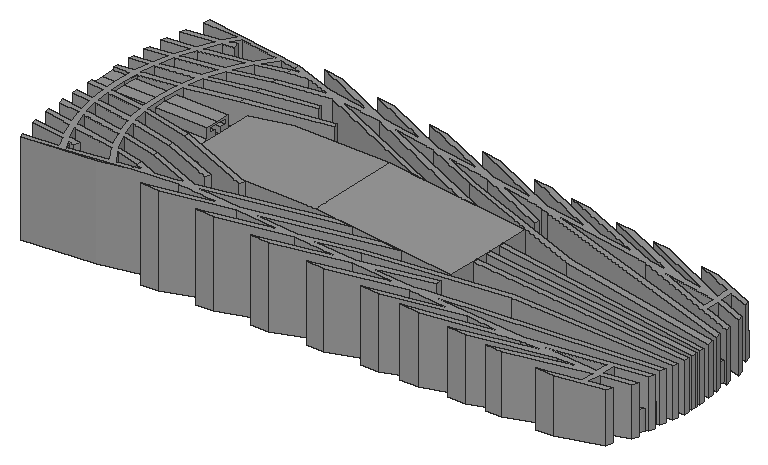
Revit family "Superstreet 340", category Осветительные приборы, Revit 2017
Family settings
  Размер круглого соединителя = Использовать диаметр
  Тип детали = Нормальный
  На основе рабочей плоскости = Нет
  Всегда вертикально = Да
  При загрузке вырезать с полостями = Нет
  Источник света = Да
  Общий = Нет
  Точка расчета площади = Нет
Parameters (values of type "Superstreet 340 5.0К Ш22")
  Комментарии к типоразмеру = "Уличные"
  Emit from Rectangle Width = 95 mm  # constant formula
  Emit from Rectangle Length = 560 mm  # constant formula
  Изготовитель = "LEDEL"
  Emit Shape Visible in Rendering = no
  built-in parameter 1150104 = 13.8 (stored number, unit not read)
  built-in parameter 1150134 = 2
  Файл фотометрической сетки = "Superstreet 340-310-LLI22-5.0К-01.ies"
  Tilt Angle = 90.00°
  built-in parameter 1150137 = (empty or 0)
  built-in parameter 1150132 = 2
  built-in parameter 1150114 = 1 (stored number, unit not read)
  Dimming Lamp Color Temperature Shift = (empty or 0)
  built-in parameter 1150105 = 2764.8 (stored number, unit not read)
  Color Filter = 16777215
  Lumens = 34743 lm
  built-in parameter 1150109 = 1 (stored number, unit not read)
  built-in parameter 1150112 = 1 (stored number, unit not read)
  built-in parameter 1150110 = 1 (stored number, unit not read)
  built-in parameter 1150113 = 1 (stored number, unit not read)
  built-in parameter 1150115 = 1 (stored number, unit not read)
  built-in parameter 1114218 = 1 (stored number, unit not read)
  built-in parameter 1114217 = 1 (stored number, unit not read)
  Apparent Load = 310 VA
  built-in parameter 1150106 = 27.648 (stored number, unit not read)
  built-in parameter 1150142 = "ISNA:LM-63-1995\r\n[TEST]LEDEL\r\n[DATA]28.05.2018\r\n[MANUFAC]LEDEL\r\n[LUMCAT]Superstreet 340/310/Ш22/5.0K/01\r\n[LUMINAIRE]Для освещения дорог категорий А и Б, городских улиц и площадей\r\n[LAMPCAT]LED\r\n[LAMP]OSRAM OSLON SQUARE3\r\nTILT=NONE\r\n\r\n1 34743 1.044965 37 37 1 2 0.636 0.256 0.100\r\n\r\n1 1 310\r\n\r\n0 2.5 5 7.5 10 12.5 15 17.5 20 22.5 25 27.5 30 32.5 35 37.5 40 42.5 45 47.5\r\n50 52.5 55 57.5 60 62.5 65 67.5 70 72.5 75 77.5 80 82.5 85 87.5 90\r\n\r\n90 95 100 105 110 115 120 125 130 135 140 145 150 155 160 165 170 175 180\r\n 185 190 195 200 205 210 215 220 225 230 235 240 245 250 255 260 265 270\r\n\r\n  8396 8494 8554 8644 8734 8846 8944 9038 9094 9229 9387 9574 9784 10043 10377\r\n  10857 11413 11724 11533 11050 10130 7762 4877 3393 2574 1929 1366 999 781 646\r\n  511 372 271 151 106 91 53\r\n  8374 8464 8539 8584 8689 8791 8884 8974 9064 9158 9297 9484 9694 9953 10242\r\n  10658 11202 11630 11660 11293 10572 8838 5898 3791 2724 2091 1501 1062 811 676\r\n  526 387 286 192 121 91 61\r\n  8359 8464 8539 8584 8674 8779 8877 8963 9049 9139 9259 9469 9657 9893 10182\r\n  10568 11082 11589 11743 11488 10850 9400 6626 4211 2912 2214 1636 1164 886 702\r\n  548 425 301 222 136 114 61\r\n  8336 8452 8539 8584 8659 8749 8854 8936 9034 9124 9237 9413 9634 9851 10167\r\n  10553 11082 11652 11900 11672 11112 9869 7166 4486 3009 2293 1681 1194 878 706\r\n  586 447 346 249 143 106 76\r\n  8381 8467 8539 8591 8674 8756 8839 8929 9004 9094 9229 9383 9574 9833 10152\r\n  10538 11067 11671 11998 11818 11278 10244 7766 4805 3137 2331 1666 1122 841 687\r\n  541 432 316 207 128 91 61\r\n  8329 8449 8509 8569 8636 8722 8817 8884 8974 9053 9154 9319 9499 9743 10025\r\n  10400 10857 11412 11915 12002 11645 10956 9364 6445 3977 2609 1794 1224 901 721\r\n  608 481 376 282 188 136 106\r\n  8359 8460 8501 8565 8636 8719 8802 8873 8929 9038 9147 9304 9469 9702 9972\r\n  10298 10700 11265 11893 12137 11818 11170 9844 6783 3842 2391 1606 1137 878 706\r\n  593 462 331 226 143 106 91\r\n  8336 8426 8494 8554 8614 8681 8779 8812 8899 8989 9087 9229 9387 9563 9799\r\n  10076 10445 10932 11570 12129 12215 11807 11045 9307 6048 3191 1839 1288 968 781\r\n  616 481 368 249 166 121 98\r\n  8374 8452 8501 8554 8599 8674 8734 8809 8877 8974 9064 9169 9297 9469 9672\r\n  9956 10355 10770 11353 11997 12410 12257 11728 10788 8344 4416 2101 1356 1021 792\r\n  623 466 346 222 143 106 91\r\n  8344 8415 8471 8516 8569 8629 8674 8749 8809 8888 8989 9068 9169 9308 9529\r\n  9833 10190 10557 11022 11671 12395 12771 12591 11995 10595 7073 3287 1719 1163 882\r\n  676 477 331 226 151 121 98\r\n  8344 8419 8479 8497 8554 8614 8659 8719 8779 8827 8907 8978 9064 9203 9409\r\n  9686 9994 10347 10730 11228 11915 12744 13318 13262 12606 10987 7954 4344 2079 1186\r\n  848 601 428 297 218 139 121\r\n  8374 8449 8471 8505 8554 8614 8659 8719 8779 8836 8892 8974 9072 9218 9462\r\n  9731 10032 10373 10745 11217 11840 12676 13543 13926 13483 12150 9942 6855 3767 1874\r\n  1036 669 436 301 211 151 121\r\n  8374 8407 8464 8475 8494 8550 8584 8644 8704 8737 8787 8839 8959 9094 9327\r\n  9596 9882 10208 10602 11085 11593 12215 12913 13648 13889 13128 11435 9131 6513 3784\r\n  1816 894 518 339 218 174 136\r\n  8374 8407 8449 8475 8494 8509 8569 8614 8659 8681 8734 8797 8884 9053 9297\r\n  9548 9822 10148 10535 10973 11450 11937 12455 12988 13416 13379 12463 10759 8606 5863\r\n  3309 1544 691 391 278 211 166\r\n  8374 8389 8419 8449 8464 8482 8539 8569 8614 8617 8651 8722 8832 8978 9207\r\n  9454 9717 10016 10400 10815 11308 11817 12328 12804 13131 13187 12778 11726 10032 7412\r\n  4637 2294 931 447 286 222 188\r\n  8374 8389 8404 8419 8449 8464 8494 8539 8546 8554 8599 8674 8802 8959 9162\r\n  9398 9679 9998 10370 10755 11240 11776 12380 12988 13446 13521 13146 12273 10775 8006\r\n  4697 1987 796 421 271 207 151\r\n  8374 8397 8389 8404 8404 8426 8464 8490 8486 8509 8546 8625 8719 8873 9057\r\n  9259 9529 9833 10197 10595 11067 11611 12238 12909 13483 13746 13453 12483 10857 8029\r\n  4465 1852 751 414 286 211 188\r\n  8381 8389 8374 8374 8374 8392 8411 8419 8419 8452 8479 8557 8674 8824 8989\r\n  9203 9454 9728 10077 10478 10940 11472 12073 12657 13116 13232 12741 11471 9529 6505\r\n  3249 1307 616 387 278 211 181\r\n  8381 8377 8359 8344 8344 8344 8359 8344 8344 8374 8404 8467 8569 8719 8877\r\n  9064 9312 9596 9934 10313 10775 11280 11818 12324 12606 12512 11833 10529 8651 5912\r\n  3084 1296 616 379 278 211 196\r\n  8381 8374 8336 8310 8284 8254 8246 8242 8216 8209 8216 8254 8306 8404 8539\r\n  8697 8899 9151 9439 9774 10137 10524 10902 11237 11338 11097 10445 9378 7954 6106\r\n  4090 2277 1111 541 293 196 128\r\n  8374 8344 8306 8284 8239 8197 8179 8149 8104 8085 8089 8096 8141 8209 8291\r\n  8419 8614 8806 9042 9301 9544 9777 9949 9979 9769 9311 8539 7566 6356 4823\r\n  3249 1947 1021 488 271 181 128\r\n  8374 8317 8284 8239 8201 8149 8104 8059 7999 7957 7961 7954 7954 7980 8044\r\n  8130 8239 8374 8509 8644 8749 8794 8749 8632 8359 7901 7316 6554 5575 4201\r\n  2792 1692 908 439 256 181 136\r\n  8374 8314 8254 8209 8141 8085 8029 7969 7901 7834 7789 7744 7729 7729 7736\r\n  7789 7811 7867 7916 7924 7916 7834 7684 7447 7098 6674 6085 5240 4262 3082\r\n  1906 1061 593 316 203 139 121\r\n  8374 8314 8239 8171 8089 8044 7961 7882 7804 7710 7616 7549 7496 7473 7443\r\n  7398 7398 7413 7391 7327 7211 7038 6806 6528 6175 5691 4960 4084 3107 2059\r\n  1163 679 436 274 188 139 106\r\n  8374 8299 8224 8145 8059 7984 7886 7789 7669 7552 7443 7349 7293 7233 7166\r\n  7117 7076 7023 6911 6760 6558 6321 6055 5733 5275 4588 3782 2859 1966 1283\r\n  788 526 368 256 181 132 106\r\n  8374 8299 8209 8119 8029 7909 7811 7702 7556 7420 7308 7203 7128 7053 6978\r\n  6903 6813 6712 6551 6340 6115 5853 5568 5211 4600 3789 2852 1980 1321 874\r\n  623 462 331 233 181 109 106\r\n  8344 8277 8164 8062 7961 7834 7714 7564 7443 7308 7173 7068 6978 6903 6828\r\n  6727 6581 6408 6183 5958 5710 5448 5140 4689 3910 2934 2026 1358 916 694\r\n  526 391 293 211 151 106 91\r\n  8344 8254 8149 8032 7916 7789 7639 7488 7338 7222 7098 7016 6896 6813 6723\r\n  6618 6416 6168 5935 5688 5403 5121 4757 4123 3182 2213 1509 1054 811 634\r\n  511 376 271 192 121 106 91\r\n  8374 8284 8164 8044 7894 7744 7594 7443 7301 7180 7076 6963 6873 6783 6678\r\n  6532 6311 6066 5815 5553 5290 4993 4630 4032 3039 2018 1374 983 781 631\r\n  511 376 271 196 136 106 76\r\n  8336 8242 8126 7995 7849 7675 7519 7383 7248 7143 7046 6952 6873 6760 6633\r\n  6415 6198 5920 5658 5406 5140 4806 4330 3586 2582 1688 1186 889 736 604\r\n  473 361 256 181 128 94 91\r\n  8359 8239 8119 7972 7826 7642 7481 7327 7226 7128 7046 6963 6903 6798 6641\r\n  6438 6198 5920 5673 5406 5125 4731 4232 3549 2642 1763 1193 886 721 601\r\n  473 361 271 181 121 106 91\r\n  8329 8201 8081 7931 7774 7579 7413 7293 7188 7094 7038 6963 6888 6783 6588\r\n  6393 6160 5920 5680 5391 5035 4566 3925 3136 2289 1538 1043 799 661 533\r\n  443 323 226 181 121 102 91\r\n  8381 8254 8126 7984 7811 7627 7458 7308 7211 7132 7076 7023 6948 6835 6663\r\n  6457 6235 6010 5800 5500 5133 4629 3932 3091 2221 1496 1043 799 646 526\r\n  421 316 241 181 121 94 76\r\n  8336 8224 8074 7909 7751 7555 7391 7278 7173 7128 7068 7038 6948 6828 6656\r\n  6457 6281 6108 5860 5553 5155 4629 3880 3027 2154 1433 1013 799 646 526\r\n  406 301 241 151 121 91 76\r\n  8359 8224 8074 7924 7751 7552 7391 7282 7203 7158 7113 7065 6986 6862 6663\r\n  6487 6303 6123 5868 5571 5178 4588 3805 2896 2026 1328 983 781 631 488\r\n  383 286 218 157 106 94 76\r\n  8374 8227 8104 7954 7759 7567 7406 7305 7218 7162 7136 7083 7031 6907 6746\r\n  6588 6408 6250 5988 5721 5350 4794 4000 3061 2124 1391 991 799 661 522\r\n  421 301 226 151 121 91 61\r\n  8396 8261 8134 7972 7811 7627 7443 7320 7226 7180 7128 7090 7053 6952 6783\r\n  6588 6453 6285 6040 5781 5463 4952 4187 3241 2289 1493 1043 818 676 541\r\n  421 316 241 181 121 91 91\r\n\r\n"
  built-in parameter 1150133 = 10 (stored number, unit not read)
  Wattage = 233.894 W
  built-in parameter 1150139 = (empty or 0)
  Классификация нагрузок = Освещение
  built-in parameter 1150138 = (empty or 0)
  built-in parameter 1150107 = 5000 (stored number, unit not read)
  built-in parameter 1150102 = (empty or 0)
  Артикул = ""
Reference planes
  plane 1 "По центру (Вперед/Назад)": y = 0
  plane 2: z = 0
  plane 3 "По центру (Влево/Вправо)": x = 0
  plane 4: z = 0
  plane 5 "Центр": x = 0
  plane 6 "Для крышки": x = -501.5
  plane 7 "Для крышки "": y = 501.5
  plane 8 "Для переходника": y = 519.5
  plane 9 "Полость справа": y = -519.5
Forms (mm)
  Extrusion 1, void, not visible
    sketch origin (35, -700, -9) x (-1, 0, 0) y (0, -1, 0)
      loop
        line (-10.502, -455) -> (-11.632, -455) -> (-11.632, -465) -> (2.047, -465) -> (2.047, -455) -> (-10.502, -455)
    from 0 to 1.5
  Extrusion 2, solid, material "Алюминий"
    sketch origin (5.5, -0.499, 0) x (0.001454, -0.999999, 0) y (0.999999, 0.001454, 0)
      loop
        arc (-14.352, -319.4) -> (-15.156, -311.02) -> (-16.052, -302.65) r 761.6
        arc (-16.052, -302.65) -> (-8.03, -303.062) -> (0, -303.2) r 234.5
        arc (0, -303.2) -> (8.03, -303.062) -> (16.052, -302.65) r 234.5
        arc (16.052, -302.65) -> (15.156, -311.02) -> (14.352, -319.4) r 761.6
        line (14.352, -319.4) -> (20.176, -319.4)
        arc (20.176, -319.4) -> (21.01, -310.78) -> (21.943, -302.171) r 755.8
        arc (21.943, -302.171) -> (29.418, -301.347) -> (36.862, -300.285) r 234.5
        arc (36.862, -300.285) -> (35.788, -309.836) -> (34.837, -319.4) r 741.2
        line (34.837, -319.4) -> (40.714, -318.855)
        arc (40.714, -318.855) -> (41.705, -309.049) -> (42.827, -299.256) r 735.4
        arc (42.827, -299.256) -> (50.42, -297.715) -> (57.957, -295.925) r 234.5
        arc (57.957, -295.925) -> (56.576, -307.386) -> (55.379, -318.868) r 720.8
        line (55.379, -318.868) -> (61.363, -317.264)
        arc (61.363, -317.264) -> (62.598, -305.767) -> (64.019, -294.292) r 715
        arc (64.019, -294.292) -> (71.77, -291.947) -> (79.435, -289.336) r 234.5
        arc (79.435, -289.336) -> (77.578, -303.423) -> (76.008, -317.544) r 700.4
        line (76.008, -317.544) -> (82.003, -315.937)
        arc (82.003, -315.937) -> (83.666, -301.453) -> (85.632, -287.006) r 694.6
        arc (85.632, -287.006) -> (93.611, -283.705) -> (101.462, -280.113) r 234.5
        arc (101.462, -280.113) -> (98.958, -297.077) -> (96.882, -314.099) r 680
        line (96.882, -314.099) -> (102.896, -312.488)
        arc (102.896, -312.488) -> (105.142, -294.671) -> (107.862, -276.921) r 674.2
        arc (107.862, -276.921) -> (113.661, -273.813) -> (119.371, -270.544) r 234.5
        arc (119.371, -270.544) -> (121.074, -289.183) -> (122.243, -307.863) r 653.815
        line (122.243, -307.863) -> (127.975, -306.327)
        arc (127.975, -306.327) -> (119.782, -230.639) -> (102.922, -156.4) r 659.615
        line (102.922, -156.4) -> (101.184, -115.398) -> (124.259, -179.252) -> (123.695, -160.627) -> (100.364, -96.063) -> (98.625, -55.061) -> (122.5, -121.128) -> (121.937, -102.503) -> (97.805, -35.727) -> (96.067, 5.275) -> (120.741, -63.005) -> (120.178, -44.38) -> (95.247, 24.61) -> (93.508, 65.612) -> (118.983, -4.881) -> (118.419, 13.744) -> (92.688, 84.946) -> (90.974, 125.375) -> (117.24, 52.69) -> (116.677, 71.315) -> (90.154, 144.709) -> (88.758, 177.618)
        arc (88.758, 177.618) -> (102.174, 135.374) -> (116.013, 93.266) r 4416.229
        line (116.013, 93.266) -> (115.399, 113.533)
        arc (115.399, 113.533) -> (101.372, 156.877) -> (87.794, 200.363) r 4410.429
        line (87.794, 200.363) -> (86.967, 219.875) -> (114.486, 143.724) -> (113.922, 162.349) -> (86.147, 239.209) -> (85.416, 256.435)
        arc (85.416, 256.435) -> (98.707, 220.084) -> (113.26, 184.22) r 1107.52
        line (113.26, 184.22) -> (112.77, 200.425)
        arc (112.77, 200.425) -> (98.115, 238.107) -> (84.853, 276.303) r 1101.72
        arc (84.853, 276.303) -> (91.499, 275.884) -> (98.133, 275.3) r 267.308
        arc (98.133, 275.3) -> (104.72, 256.06) -> (111.665, 236.946) r 1089.42
        line (111.665, 236.946) -> (111.106, 255.402)
        arc (111.106, 255.402) -> (103.518, 277.488) -> (96.408, 299.733) r 1083.62
        line (96.408, 299.733) -> (89.685, 301.883)
        arc (89.685, 301.883) -> (92.869, 291.584) -> (96.156, 281.316) r 1089.42
        arc (96.156, 281.316) -> (89.556, 281.837) -> (82.945, 282.197) r 273.108
        arc (82.945, 282.197) -> (78.552, 296.221) -> (74.347, 310.303) r 1101.72
        line (74.347, 310.303) -> (67.693, 312.431)
        arc (67.693, 312.431) -> (72.137, 297.378) -> (76.795, 282.389) r 1107.52
        arc (76.795, 282.389) -> (70.162, 282.44) -> (63.53, 282.33) r 273.108
        arc (63.53, 282.33) -> (59.224, 297.516) -> (54.972, 312.717) r 4410.429
        line (54.972, 312.717) -> (48.368, 314.829)
        arc (48.368, 314.829) -> (64.806, 256.987) -> (82.031, 199.375) r 4416.229
        line (82.031, 199.375) -> (85.98, 106.247)
        arc (85.98, 106.247) -> (61.094, 209.417) -> (40.82, 313.592) r 2385.883
        line (40.82, 313.592) -> (34.595, 315.584)
        arc (34.595, 315.584) -> (56.296, 204.207) -> (83.254, 93.986) r 2391.683
        line (83.254, 93.986) -> (86.931, 83.812) -> (88.67, 42.81) -> (69.546, 95.73) -> (63.379, 95.73) -> (89.49, 23.475) -> (91.228, -17.527) -> (77.553, 20.315)
        arc (77.553, 20.315) -> (56.695, 86.239) -> (41.219, 153.629) r 857.142
        arc (41.219, 153.629) -> (32.115, 234.863) -> (27.182, 316.457) r 1596.183
        line (27.182, 316.457) -> (21.349, 317.3)
        arc (21.349, 317.3) -> (26.298, 234.816) -> (35.493, 152.697) r 1601.983
        arc (35.493, 152.697) -> (51.081, 84.781) -> (72.098, 18.344) r 862.942
        line (72.098, 18.344) -> (92.048, -36.861) -> (93.787, -77.864) -> (50.3, 42.474) -> (50.3, 25.408) -> (94.607, -97.198) -> (96.345, -138.2) -> (50.3, -10.783) -> (50.3, -27.849) -> (93.436, -147.216)
        arc (93.436, -147.216) -> (78.8, -193.412) -> (67.3, -240.487) r 720.8
        arc (67.3, -240.487) -> (59.362, -243.389) -> (51.3, -245.925) r 184.5
        arc (51.3, -245.925) -> (62.972, -195.898) -> (78.108, -146.808) r 735.4
        line (78.108, -146.808) -> (72.629, -144.907)
        arc (72.629, -144.907) -> (57.001, -195.764) -> (45.063, -247.612) r 741.2
        arc (45.063, -247.612) -> (37.367, -249.376) -> (29.602, -250.81) r 184.5
        arc (29.602, -250.81) -> (44.936, -184.546) -> (66.165, -119.929) r 755.8
        line (66.165, -119.929) -> (60.742, -117.873)
        arc (60.742, -117.873) -> (39.086, -183.933) -> (23.544, -251.692) r 761.6
        arc (23.544, -251.692) -> (11.796, -252.823) -> (0, -253.2) r 184.5
        arc (0, -253.2) -> (-11.796, -252.823) -> (-23.544, -251.692) r 184.5
        arc (-23.544, -251.692) -> (-39.086, -183.933) -> (-60.742, -117.873) r 761.6
        line (-60.742, -117.873) -> (-66.165, -119.929)
        arc (-66.165, -119.929) -> (-44.936, -184.546) -> (-29.602, -250.81) r 755.8
        arc (-29.602, -250.81) -> (-37.367, -249.376) -> (-45.063, -247.612) r 184.5
        arc (-45.063, -247.612) -> (-57.001, -195.764) -> (-72.629, -144.907) r 741.2
        line (-72.629, -144.907) -> (-78.108, -146.808)
        arc (-78.108, -146.808) -> (-62.972, -195.898) -> (-51.3, -245.925) r 735.4
        arc (-51.3, -245.925) -> (-59.362, -243.389) -> (-67.3, -240.487) r 184.5
        arc (-67.3, -240.487) -> (-78.8, -193.412) -> (-93.436, -147.216) r 720.8
        line (-93.436, -147.216) -> (-50.3, -27.849) -> (-50.3, -10.783) -> (-96.345, -138.2) -> (-94.607, -97.198) -> (-50.3, 25.408) -> (-50.3, 42.474) -> (-93.787, -77.864) -> (-92.048, -36.861) -> (-72.098, 18.344)
        arc (-72.098, 18.344) -> (-51.081, 84.781) -> (-35.493, 152.697) r 862.942
        arc (-35.493, 152.697) -> (-26.298, 234.816) -> (-21.349, 317.3) r 1601.983
        line (-21.349, 317.3) -> (-27.182, 316.457)
        arc (-27.182, 316.457) -> (-32.115, 234.863) -> (-41.219, 153.629) r 1596.183
        arc (-41.219, 153.629) -> (-56.695, 86.239) -> (-77.553, 20.315) r 857.142
        line (-77.553, 20.315) -> (-91.228, -17.527) -> (-89.49, 23.475) -> (-63.379, 95.73) -> (-69.546, 95.73) -> (-88.67, 42.81) -> (-86.931, 83.812) -> (-83.254, 93.986)
        arc (-83.254, 93.986) -> (-56.296, 204.207) -> (-34.595, 315.584) r 2391.683
        line (-34.595, 315.584) -> (-40.82, 313.592)
        arc (-40.82, 313.592) -> (-61.094, 209.417) -> (-85.98, 106.247) r 2385.883
        line (-85.98, 106.247) -> (-82.031, 199.375)
        arc (-82.031, 199.375) -> (-64.806, 256.987) -> (-48.368, 314.829) r 4416.229
        line (-48.368, 314.829) -> (-54.972, 312.717)
        arc (-54.972, 312.717) -> (-59.224, 297.516) -> (-63.53, 282.33) r 4410.429
        arc (-63.53, 282.33) -> (-70.162, 282.44) -> (-76.795, 282.389) r 273.108
        arc (-76.795, 282.389) -> (-72.137, 297.378) -> (-67.693, 312.431) r 1107.52
        line (-67.693, 312.431) -> (-74.347, 310.303)
        arc (-74.347, 310.303) -> (-78.552, 296.221) -> (-82.945, 282.197) r 1101.72
        arc (-82.945, 282.197) -> (-89.556, 281.837) -> (-96.156, 281.316) r 273.108
        arc (-96.156, 281.316) -> (-92.869, 291.584) -> (-89.685, 301.883) r 1089.42
        line (-89.685, 301.883) -> (-96.408, 299.733)
        arc (-96.408, 299.733) -> (-103.518, 277.488) -> (-111.106, 255.402) r 1083.62
        line (-111.106, 255.402) -> (-111.665, 236.946)
        arc (-111.665, 236.946) -> (-104.72, 256.06) -> (-98.133, 275.3) r 1089.42
        arc (-98.133, 275.3) -> (-91.499, 275.884) -> (-84.853, 276.303) r 267.308
        arc (-84.853, 276.303) -> (-98.115, 238.107) -> (-112.77, 200.425) r 1101.72
        line (-112.77, 200.425) -> (-113.26, 184.22)
        arc (-113.26, 184.22) -> (-98.707, 220.084) -> (-85.416, 256.435) r 1107.52
        line (-85.416, 256.435) -> (-86.147, 239.209) -> (-113.922, 162.349) -> (-114.486, 143.724) -> (-86.967, 219.875) -> (-87.794, 200.363)
        arc (-87.794, 200.363) -> (-101.372, 156.877) -> (-115.399, 113.533) r 4410.429
        line (-115.399, 113.533) -> (-116.013, 93.266)
        arc (-116.013, 93.266) -> (-102.174, 135.374) -> (-88.758, 177.618) r 4416.229
        line (-88.758, 177.618) -> (-90.154, 144.709) -> (-116.677, 71.315) -> (-117.24, 52.69) -> (-90.974, 125.375) -> (-92.688, 84.946) -> (-118.419, 13.744) -> (-118.983, -4.881) -> (-93.508, 65.612) -> (-95.247, 24.61) -> (-120.178, -44.38) -> (-120.741, -63.005) -> (-96.067, 5.275) -> (-97.805, -35.727) -> (-121.937, -102.503) -> (-122.5, -121.128) -> (-98.625, -55.061) -> (-100.364, -96.063) -> (-123.695, -160.627) -> (-124.259, -179.252) -> (-101.184, -115.398) -> (-102.922, -156.4)
        arc (-102.922, -156.4) -> (-119.782, -230.639) -> (-127.975, -306.327) r 659.615
        line (-127.975, -306.327) -> (-122.243, -307.863)
        arc (-122.243, -307.863) -> (-121.074, -289.183) -> (-119.371, -270.544) r 653.815
        arc (-119.371, -270.544) -> (-113.661, -273.813) -> (-107.862, -276.921) r 234.5
        arc (-107.862, -276.921) -> (-105.142, -294.671) -> (-102.896, -312.488) r 674.2
        line (-102.896, -312.488) -> (-96.882, -314.099)
        arc (-96.882, -314.099) -> (-98.958, -297.077) -> (-101.462, -280.113) r 680
        arc (-101.462, -280.113) -> (-93.611, -283.705) -> (-85.632, -287.006) r 234.5
        arc (-85.632, -287.006) -> (-83.666, -301.453) -> (-82.003, -315.937) r 694.6
        line (-82.003, -315.937) -> (-76.008, -317.544)
        arc (-76.008, -317.544) -> (-77.578, -303.423) -> (-79.435, -289.336) r 700.4
        arc (-79.435, -289.336) -> (-71.77, -291.947) -> (-64.019, -294.292) r 234.5
        arc (-64.019, -294.292) -> (-62.598, -305.767) -> (-61.363, -317.264) r 715
        line (-61.363, -317.264) -> (-55.379, -318.868)
        arc (-55.379, -318.868) -> (-56.576, -307.386) -> (-57.957, -295.925) r 720.8
        arc (-57.957, -295.925) -> (-50.42, -297.715) -> (-42.827, -299.256) r 234.5
        arc (-42.827, -299.256) -> (-41.705, -309.049) -> (-40.714, -318.855) r 735.4
        line (-40.714, -318.855) -> (-34.837, -319.4)
        arc (-34.837, -319.4) -> (-35.788, -309.836) -> (-36.862, -300.285) r 741.2
        arc (-36.862, -300.285) -> (-29.418, -301.347) -> (-21.943, -302.171) r 234.5
        arc (-21.943, -302.171) -> (-21.01, -310.78) -> (-20.176, -319.4) r 755.8
        line (-20.176, -319.4) -> (-14.352, -319.4)
      loop
        line (-20.218, 95.73) -> (-14.416, 95.73) -> (-7.678, 318.4) -> (-13.48, 318.4) -> (-20.218, 95.73)
      loop
        line (-2.9, 318.4) -> (-2.9, 95.73) -> (0, 95.73) -> (2.9, 95.73) -> (2.9, 318.4) -> (0, 318.4) -> (-2.9, 318.4)
      loop
        arc (-118.643, -263.984) -> (-113.931, -266.771) -> (-109.153, -269.443) r 228.5
        arc (-109.153, -269.443) -> (-109.787, -265.945) -> (-110.439, -262.45) r 674.2
        line (-110.439, -262.45) -> (-104.933, -260.362)
        arc (-104.933, -260.362) -> (-103.773, -266.593) -> (-102.671, -272.834) r 680
        arc (-102.671, -272.834) -> (-94.745, -276.632) -> (-86.678, -280.122) r 228.5
        arc (-86.678, -280.122) -> (-90.755, -256.772) -> (-95.626, -233.576) r 694.6
        arc (-95.626, -233.576) -> (-104.202, -228.294) -> (-112.487, -222.567) r 190.6
        arc (-112.487, -222.567) -> (-115.897, -243.226) -> (-118.643, -263.984) r 653.815
      loop
        arc (-111.24, -215.893) -> (-104.509, -220.746) -> (-97.567, -225.292) r 184.5
        arc (-97.567, -225.292) -> (-101.736, -208.861) -> (-106.305, -192.537) r 694.6
        arc (-106.305, -192.537) -> (-108.879, -204.193) -> (-111.24, -215.893) r 653.815
      loop
        arc (-81.047, 222.58) -> (-73.027, 249.55) -> (-65.179, 276.571) r 4410.429
        arc (-65.179, 276.571) -> (-71.969, 276.642) -> (-78.758, 276.541) r 267.308
        line (-78.758, 276.541) -> (-81.047, 222.58)
      loop
        arc (-16.759, -296.585) -> (-8.385, -297.046) -> (0, -297.2) r 228.5
        arc (0, -297.2) -> (8.385, -297.046) -> (16.759, -296.585) r 228.5
        arc (16.759, -296.585) -> (19.347, -277.244) -> (22.429, -257.976) r 761.6
        arc (22.429, -257.976) -> (11.234, -258.969) -> (0, -259.3) r 190.6
        arc (0, -259.3) -> (-11.234, -258.969) -> (-22.429, -257.976) r 190.6
        arc (-22.429, -257.976) -> (-19.347, -277.244) -> (-16.759, -296.585) r 761.6
      loop
        arc (-37.627, -294.081) -> (-30.162, -295.201) -> (-22.664, -296.073) r 228.5
        arc (-22.664, -296.073) -> (-25.308, -276.581) -> (-28.458, -257.163) r 755.8
        arc (-28.458, -257.163) -> (-36.172, -255.836) -> (-43.825, -254.193) r 190.6
        arc (-43.825, -254.193) -> (-40.454, -274.095) -> (-37.627, -294.081) r 741.2
      loop
        arc (-58.813, -289.501) -> (-51.244, -291.38) -> (-43.614, -292.999) r 228.5
        arc (-43.614, -292.999) -> (-46.534, -272.765) -> (-50.015, -252.621) r 735.4
        arc (-50.015, -252.621) -> (-57.992, -250.263) -> (-65.859, -247.56) r 190.6
        arc (-65.859, -247.56) -> (-62.027, -268.479) -> (-58.813, -289.501) r 720.8
      loop
        arc (-80.43, -282.577) -> (-72.716, -285.321) -> (-64.909, -287.787) r 228.5
        arc (-64.909, -287.787) -> (-68.269, -266.37) -> (-72.278, -245.064) r 715
        arc (-72.278, -245.064) -> (-80.653, -241.395) -> (-88.842, -237.328) r 190.6
        arc (-88.842, -237.328) -> (-84.264, -259.884) -> (-80.43, -282.577) r 700.4
      loop
        arc (-90.634, -229.404) -> (-82.324, -233.815) -> (-73.799, -237.798) r 184.5
        arc (-73.799, -237.798) -> (-83.961, -196.493) -> (-96.563, -155.867) r 715
        line (-96.563, -155.867) -> (-97.403, -158.191)
        arc (-97.403, -158.191) -> (-100.617, -169.734) -> (-103.619, -181.333) r 653.815
        arc (-103.619, -181.333) -> (-96.699, -205.253) -> (-90.634, -229.404) r 700.4
      loop
        line (20.218, 95.73) -> (13.48, 318.4) -> (7.678, 318.4) -> (14.416, 95.73) -> (20.218, 95.73)
      loop
        arc (118.643, -263.984) -> (115.897, -243.226) -> (112.487, -222.567) r 653.815
        arc (112.487, -222.567) -> (104.202, -228.294) -> (95.626, -233.576) r 190.6
        arc (95.626, -233.576) -> (90.755, -256.772) -> (86.678, -280.122) r 694.6
        arc (86.678, -280.122) -> (94.745, -276.632) -> (102.671, -272.834) r 228.5
        arc (102.671, -272.834) -> (103.773, -266.593) -> (104.933, -260.362) r 680
        line (104.933, -260.362) -> (110.439, -262.45)
        arc (110.439, -262.45) -> (109.787, -265.945) -> (109.153, -269.443) r 674.2
        arc (109.153, -269.443) -> (113.931, -266.771) -> (118.643, -263.984) r 228.5
      loop
        arc (111.24, -215.893) -> (108.879, -204.193) -> (106.305, -192.537) r 653.815
        arc (106.305, -192.537) -> (101.736, -208.861) -> (97.567, -225.292) r 694.6
        arc (97.567, -225.292) -> (104.509, -220.746) -> (111.24, -215.893) r 184.5
      loop
        line (81.047, 222.58) -> (78.758, 276.541)
        arc (78.758, 276.541) -> (71.969, 276.642) -> (65.179, 276.571) r 267.308
        arc (65.179, 276.571) -> (73.027, 249.55) -> (81.047, 222.58) r 4410.429
      loop
        arc (37.627, -294.081) -> (40.454, -274.095) -> (43.825, -254.193) r 741.2
        arc (43.825, -254.193) -> (36.172, -255.836) -> (28.458, -257.163) r 190.6
        arc (28.458, -257.163) -> (25.308, -276.581) -> (22.664, -296.073) r 755.8
        arc (22.664, -296.073) -> (30.162, -295.201) -> (37.627, -294.081) r 228.5
      loop
        arc (58.813, -289.501) -> (62.027, -268.479) -> (65.859, -247.56) r 720.8
        arc (65.859, -247.56) -> (57.992, -250.263) -> (50.015, -252.621) r 190.6
        arc (50.015, -252.621) -> (46.534, -272.765) -> (43.614, -292.999) r 735.4
        arc (43.614, -292.999) -> (51.244, -291.38) -> (58.813, -289.501) r 228.5
      loop
        arc (80.43, -282.577) -> (84.264, -259.884) -> (88.842, -237.328) r 700.4
        arc (88.842, -237.328) -> (80.653, -241.395) -> (72.278, -245.064) r 190.6
        arc (72.278, -245.064) -> (68.269, -266.37) -> (64.909, -287.787) r 715
        arc (64.909, -287.787) -> (72.716, -285.321) -> (80.43, -282.577) r 228.5
      loop
        arc (90.634, -229.404) -> (96.699, -205.253) -> (103.619, -181.333) r 700.4
        arc (103.619, -181.333) -> (100.617, -169.734) -> (97.403, -158.191) r 653.815
        line (97.403, -158.191) -> (96.563, -155.867)
        arc (96.563, -155.867) -> (83.961, -196.493) -> (73.799, -237.798) r 715
        arc (73.799, -237.798) -> (82.324, -233.815) -> (90.634, -229.404) r 184.5
    from 0 to 100
  Extrusion 3, solid, material "Алюминий"
    sketch origin (5.5, -0.499, 0) x (0.001454, -0.999999, 0) y (0.999999, 0.001454, 0)
      loop
        line (0, -314.4) -> (60.4, -314.4)
        arc (60.4, -314.4) -> (63.936, -312.936) -> (65.4, -309.4) r 5
        line (65.4, -309.4) -> (65.4, 300)
        arc (65.4, 300) -> (62.471, 307.071) -> (55.4, 310) r 10
        line (55.4, 310) -> (0, 310) -> (-55.4, 310)
        arc (-55.4, 310) -> (-62.471, 307.071) -> (-65.4, 300) r 10
        line (-65.4, 300) -> (-65.4, -309.4)
        arc (-65.4, -309.4) -> (-63.936, -312.936) -> (-60.4, -314.4) r 5
        line (-60.4, -314.4) -> (0, -314.4)
    from 0 to 22
  Extrusion 4, solid, material "Алюминий"
    sketch origin (5.5, -0.499, 22) x (0.001454, -0.999999, 0) y (0.999999, 0.001454, 0)
      loop
        line (0, 95.73) -> (-50.3, 95.73) -> (-50.3, -194.27) -> (0, -194.27) -> (50.3, -194.27) -> (50.3, 95.73) -> (0, 95.73)
    from 0 to 64.2
  Extrusion 5, solid, material "Алюминий"
    sketch origin (-313.9, -0.964, 0) x (0.001454, -0.999999, 0) y (0, 0, 1)
      loop
        arc (-3.611, 83.486) -> (-30.546, 51.291) -> (0, 22.5) r 30.6
        arc (0, 22.5) -> (30.546, 51.291) -> (3.611, 83.486) r 30.6
        line (3.611, 83.486) -> (3.611, 90.443) -> (10.628, 90.443) -> (10.628, 95.443) -> (0, 95.443) -> (-10.628, 95.443) -> (-10.628, 90.443) -> (-3.611, 90.443) -> (-3.611, 83.486)
      loop
        arc (-14.1, 86.333) -> (-30.102, 73.027) -> (-36.1, 53.1) r 36.1
        line (-36.1, 53.1) -> (-36.1, 0) -> (0, 0) -> (36.1, 0) -> (36.1, 53.1)
        arc (36.1, 53.1) -> (30.102, 73.027) -> (14.1, 86.333) r 36.1
        line (14.1, 86.333) -> (14.1, 97.2) -> (0, 97.2) -> (-14.1, 97.2) -> (-14.1, 86.333)
    from 0 to -123.8
  Extrusion 6, void
    sketch origin (5, 0, 0) x (1, 0, 0) y (0, 0, 1)
      loop
        line (318.919, 52) -> (338.275, 50.204) -> (348.919, 164.9) -> (-251.081, 164.9) -> (-251.081, 104.9) -> (318.919, 52)
    from -200 to 200
Cuts and joins
  Extrusion 6 cuts Extrusion 2
  Extrusion 6 cuts Extrusion 4
Dimensions and locks
  aligned and locked: level to plane 2
Connectors
  electrical at (0, 0, 0)
    settings: index 1, voltage 230 V, apparent load 310 VA, apparent load phase1 0 VA, apparent load phase2 0 VA, apparent load phase3 0 VA, power factor 1, load classification "Освещение", number of poles 1, system type 30, power factor state 1, is connector primary yes, connector utility no, sub classification motor no, connector description ""
